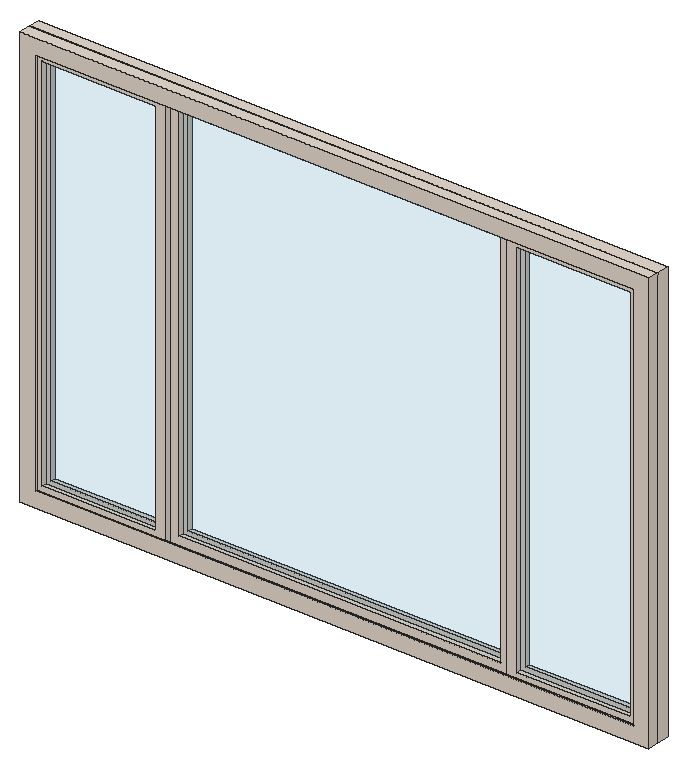
Revit family
Parameters (values of type "복창(3개창)-3300*2200")
  유리 = 유리
  문틀 [instance] = 문틀
  Height = 2210 mm
  Default Sill Height = 500 mm
  Wall Closure = (empty or 0)
  Width = 3300 mm
  양쪽창폭 = 700 mm
  Assembly Code = ""
Reference planes
  plane 1 "Center (Front/Back)": y = 0
  plane 2 "Center (Left/Right)": x = -209.898
  plane 3 "Left": x = -1859.898
  plane 4 "Right": x = 1440.102
  plane 5 "Sill": z = 500
  plane 6 "Head": z = 2710
  plane 7 "Exterior": y = 100
  plane 8 "Interior": y = -100
  plane 9: x = -1105
  plane 10: x = -1805
  plane 11: x = 685.204
Forms (mm)
  Sweep 1, solid, material "문틀" <- "문틀"
    path origin (0, 100, 0) x (1, 0, 0) y (0, 0, 1)
      loop
        line (1440.102, 2710) -> (-1859.898, 2710) -> (-1859.898, 500) -> (1440.102, 500) -> (1440.102, 2710)
    profile origin (-209.898, 100, 2710) x (0, 0, -1) y (0, -1, 0)
      loop
        line (0, 0) -> (54.898, 0) -> (54.898, 50) -> (79.898, 50) -> (79.898, 60) -> (0, 60) -> (0, 0)
  Extrusion 2, solid, material "문틀" <- "문틀"
    sketch origin (-970, 100, 0) x (1, 0, 0) y (0, 0, 1)
      loop
        line (-135, 2655) -> (-835, 2655) -> (-835, 555) -> (-135, 555) -> (-135, 2655)
      loop
        line (-185, 2605) -> (-785, 2605) -> (-785, 605) -> (-185, 605) -> (-185, 2605)
    from 25 to 50
  Extrusion 3, solid, material "유리" <- "유리"
    sketch origin (-970, 100, 0) x (1, 0, 0) y (0, 0, 1)
      loop
        line (-185, 2630) -> (-785, 2630) -> (-785, 580) -> (-185, 580) -> (-185, 2630)
    from 33.333 to 41.667
  Extrusion 4, solid, material "문틀" <- "문틀"
    sketch origin (0, 100, 0) x (1, 0, 0) y (0, 0, 1)
      loop
        line (685.204, 2655) -> (-1105, 2655) -> (-1105, 555) -> (685.204, 555) -> (685.204, 2655)
      loop
        line (635.204, 2605) -> (-1055, 2605) -> (-1055, 605) -> (635.204, 605) -> (635.204, 2605)
    from 0 to 25
  Extrusion 5, solid, material "유리" <- "유리"
    sketch origin (0, 100, 0) x (1, 0, 0) y (0, 0, 1)
      loop
        line (635.204, 2630) -> (-1055, 2630) -> (-1055, 580) -> (635.204, 580) -> (635.204, 2630)
    from 8.333 to 16.667
  Extrusion 6, solid, material "문틀" <- "문틀"
    sketch origin (-970, 40, 0) x (1, 0, 0) y (0, 0, 1)
      loop
        line (-135, 2655) -> (-835, 2655) -> (-835, 555) -> (-135, 555) -> (-135, 2655)
      loop
        line (-185, 2605) -> (-785, 2605) -> (-785, 605) -> (-185, 605) -> (-185, 2605)
    from 25 to 50
  Extrusion 7, solid, material "유리" <- "유리"
    sketch origin (-970, 40, 0) x (1, 0, 0) y (0, 0, 1)
      loop
        line (-185, 2630) -> (-785, 2630) -> (-785, 580) -> (-185, 580) -> (-185, 2630)
    from 33.333 to 41.667
  Extrusion 8, solid, material "문틀" <- "문틀"
    sketch origin (0, 40, 0) x (1, 0, 0) y (0, 0, 1)
      loop
        line (685.306, 2655) -> (-1105, 2655) -> (-1105, 555) -> (685.306, 555) -> (685.306, 2655)
      loop
        line (635.306, 2605) -> (-1055, 2605) -> (-1055, 605) -> (635.306, 605) -> (635.306, 2605)
    from 0 to 25
  Extrusion 9, solid, material "유리" <- "유리"
    sketch origin (0, 40, 0) x (1, 0, 0) y (0, 0, 1)
      loop
        line (635.306, 2630) -> (-1055, 2630) -> (-1055, 580) -> (635.306, 580) -> (635.306, 2630)
    from 8.333 to 16.667
  Extrusion 10, solid, material "문틀" <- "문틀"
    sketch origin (1364.796, 100, 0) x (1, 0, 0) y (0, 0, 1)
      loop
        line (20.408, 2655) -> (-679.592, 2655) -> (-679.592, 555) -> (20.408, 555) -> (20.408, 2655)
      loop
        line (-29.592, 2605) -> (-629.592, 2605) -> (-629.592, 605) -> (-29.592, 605) -> (-29.592, 2605)
    from 25 to 50
  Extrusion 11, solid, material "유리" <- "유리"
    sketch origin (1364.796, 100, 0) x (1, 0, 0) y (0, 0, 1)
      loop
        line (-29.592, 2630) -> (-629.592, 2630) -> (-629.592, 580) -> (-29.592, 580) -> (-29.592, 2630)
    from 33.333 to 41.667
  Extrusion 12, solid, material "문틀" <- "문틀"
    sketch origin (1364.796, 40, 0) x (1, 0, 0) y (0, 0, 1)
      loop
        line (20.408, 2655) -> (-679.592, 2655) -> (-679.592, 555) -> (20.408, 555) -> (20.408, 2655)
      loop
        line (-29.592, 2605) -> (-629.592, 2605) -> (-629.592, 605) -> (-29.592, 605) -> (-29.592, 2605)
    from 25 to 50
  Extrusion 13, solid, material "유리" <- "유리"
    sketch origin (1364.796, 40, 0) x (1, 0, 0) y (0, 0, 1)
      loop
        line (-29.592, 2630) -> (-629.592, 2630) -> (-629.592, 580) -> (-29.592, 580) -> (-29.592, 2630)
    from 33.333 to 41.667
  Sweep 14, solid, material "문틀" <- "문틀"
    path origin (0, 40, 0) x (1, 0, 0) y (0, 0, 1)
      loop
        line (1440.102, 2710) -> (-1859.898, 2710) -> (-1859.898, 500) -> (1440.102, 500) -> (1440.102, 2710)
    profile origin (-209.898, 40, 2710) x (0, 0, -1) y (0, -1, 0)
      loop
        line (0, 0) -> (54.898, 0) -> (54.898, 50) -> (79.898, 50) -> (79.898, 60) -> (0, 60) -> (0, 0)
Lines and regions (mm)
  Opening 1
    outline origin (3500, -100, 0) x (1, 0, 0) y (0, 0, 1)
      loop
        line (-2059.898, 500) -> (-2059.898, 2710) -> (-5359.898, 2710) -> (-5359.898, 500) -> (-2059.898, 500)
Text (mm)
  text "EXTERIOR" at (-1963.203, 1332.353, 0), in view "Ref. Level"
  text "INTERIOR" at (-1981.466, -818.386, 0), in view "Ref. Level"
  text "Exterior" at (0, 923.751, 2943.296), in view "Right"
  text "Exterior" at (0, 1040.484, 2685.409), in view "Left"
Dimensions and locks
  equal spacing: plane 3 "Left", plane 2 "Center (Left/Right)", plane 4 "Right"
  "Width": plane 3 "Left" to plane 4 "Right"
  "Height": plane 5 "Sill" to plane 6 "Head"
  "Default Sill Height": plane 5 "Sill" to level
  locked: plane 7 "Exterior" to host wall at 0
  locked: plane 8 "Interior" to host wall
  plane 2 "Center (Left/Right)" to plane 4 "Right" = 1650 mm
  locked: Extrusion 2 to Extrusion 2 at 25
  Extrusion 3 to Extrusion 3 = 8.333 mm
  locked: Extrusion 4 to Extrusion 4 at 25
  locked: Extrusion 4 to Extrusion 4 at 50  (x2)
  locked: Extrusion 2 to Extrusion 2 at 50  (x2)
  locked: plane 3 "Left" to plane 10 at 54.898
  locked: Extrusion 6 to Extrusion 6 at 25
  locked: Extrusion 8 to Extrusion 8 at 25
  locked: Extrusion 8 to Extrusion 8 at 50  (x2)
  locked: Extrusion 6 to Extrusion 6 at 50  (x2)
  locked: Extrusion 10 to Extrusion 10 at 25
  locked: Extrusion 10 to Extrusion 10 at 50  (x2)
  locked: Extrusion 12 to Extrusion 12 at 25
  locked: Extrusion 12 to Extrusion 12 at 50  (x2)
  equal spacing: plane 9, plane 2 "Center (Left/Right)", plane 11
  "양쪽창폭": plane 10 to plane 9
  aligned and locked: host wall to Sweep 1 sketch curve
  aligned and locked: Sweep 1 sketch curve to host wall  (x3)
  aligned and locked: Extrusion 4 to plane 9
  aligned and locked: Extrusion 5 to Extrusion 4  (x2)
  aligned and locked: Extrusion 3 to Extrusion 2  (x2)
  aligned and locked: Extrusion 2 to Extrusion 4
  aligned and locked: plane 10 to Sweep 1
  aligned and locked: Extrusion 2 to Sweep 1
  aligned and locked: Extrusion 9 to Extrusion 8  (x2)
  aligned and locked: Extrusion 7 to Extrusion 6  (x2)
  aligned and locked: Extrusion 6 to Extrusion 8
  aligned and locked: plane 11 to Extrusion 4
  aligned and locked: Extrusion 11 to Extrusion 10  (x2)
  aligned and locked: Extrusion 13 to Extrusion 12  (x2)
  aligned and locked: Extrusion 10 to Sweep 1
  aligned and locked: Extrusion 12 to Sweep 1
  aligned and locked: Extrusion 4 to Extrusion 12
  aligned and locked: Extrusion 10 to Extrusion 4
Automatic sketch dimensions
  Opening 1 sketch curve to plane 3 "Left" = 0 mm
  Opening 1 sketch curve to plane 4 "Right" = 0 mm
  Opening 1 sketch curve to plane 5 "Sill" = 0 mm
  Opening 1 sketch curve to plane 6 "Head" = 0 mm
  Sweep 1 sketch curve to plane 7 "Exterior" = 0 mm
  Sweep 1 sketch curve to profile plane = 0 mm
  Sweep 1 sketch curve to profile plane = 54.898 mm
  Sweep 1 sketch curve to Sweep 1 sketch curve = 25 mm
  plane 7 "Exterior" to Sweep 1 sketch curve = 50 mm
  Sweep 1 sketch curve to Sweep 1 sketch curve = 10 mm
  Extrusion 2 sketch curve to plane 10 = 0 mm
  Extrusion 2 sketch curve to plane 9 = 0 mm
  plane 10 to Extrusion 2 sketch curve = 50 mm
  Extrusion 2 sketch curve to plane 9 = 50 mm
  Extrusion 2 sketch curve to plane 5 "Sill" = 55 mm
  Extrusion 2 sketch curve to Extrusion 2 sketch curve = 50 mm
  plane 6 "Head" to Extrusion 2 sketch curve = 105 mm
  plane 6 "Head" to Extrusion 2 sketch curve = 55 mm
  plane 10 to Extrusion 3 sketch curve = 50 mm
  Extrusion 3 sketch curve to plane 9 = 50 mm
  Extrusion 3 sketch curve to plane 5 "Sill" = 80 mm
  plane 6 "Head" to Extrusion 3 sketch curve = 80 mm
  Extrusion 4 sketch curve to plane 9 = 0 mm
  Extrusion 4 sketch curve to plane 11 = 0 mm
  plane 9 to Extrusion 4 sketch curve = 50 mm
  Extrusion 4 sketch curve to plane 11 = 50 mm
  Extrusion 4 sketch curve to plane 5 "Sill" = 55 mm
  Extrusion 4 sketch curve to Extrusion 4 sketch curve = 50 mm
  plane 6 "Head" to Extrusion 4 sketch curve = 105 mm
  plane 6 "Head" to Extrusion 4 sketch curve = 55 mm
  plane 9 to Extrusion 5 sketch curve = 50 mm
  Extrusion 5 sketch curve to plane 11 = 50 mm
  Extrusion 5 sketch curve to plane 5 "Sill" = 80 mm
  plane 6 "Head" to Extrusion 5 sketch curve = 80 mm
  Extrusion 6 sketch curve to plane 10 = 0 mm
  Extrusion 6 sketch curve to plane 9 = 0 mm
  plane 10 to Extrusion 6 sketch curve = 50 mm
  Extrusion 6 sketch curve to plane 9 = 50 mm
  Extrusion 6 sketch curve to plane 5 "Sill" = 55 mm
  Extrusion 6 sketch curve to Extrusion 6 sketch curve = 50 mm
  plane 6 "Head" to Extrusion 6 sketch curve = 105 mm
  plane 6 "Head" to Extrusion 6 sketch curve = 55 mm
  plane 10 to Extrusion 7 sketch curve = 50 mm
  Extrusion 7 sketch curve to plane 9 = 50 mm
  Extrusion 7 sketch curve to plane 5 "Sill" = 80 mm
  plane 6 "Head" to Extrusion 7 sketch curve = 80 mm
  Extrusion 8 sketch curve to plane 9 = 0 mm
  plane 9 to Extrusion 8 sketch curve = 50 mm
  Extrusion 8 sketch curve to plane 11 = 49.898 mm
  plane 11 to Extrusion 8 sketch curve = 0.102 mm
  Extrusion 8 sketch curve to plane 5 "Sill" = 55 mm
  Extrusion 8 sketch curve to Extrusion 8 sketch curve = 50 mm
  plane 6 "Head" to Extrusion 8 sketch curve = 105 mm
  plane 6 "Head" to Extrusion 8 sketch curve = 55 mm
  plane 9 to Extrusion 9 sketch curve = 50 mm
  Extrusion 9 sketch curve to plane 11 = 49.898 mm
  Extrusion 9 sketch curve to plane 5 "Sill" = 80 mm
  plane 6 "Head" to Extrusion 9 sketch curve = 80 mm
  Extrusion 10 sketch curve to plane 11 = 0 mm
  plane 11 to Extrusion 10 sketch curve = 50 mm
  plane 4 "Right" to Extrusion 10 sketch curve = 104.898 mm
  plane 4 "Right" to Extrusion 10 sketch curve = 54.898 mm
  Extrusion 10 sketch curve to plane 5 "Sill" = 55 mm
  Extrusion 10 sketch curve to Extrusion 10 sketch curve = 50 mm
  plane 6 "Head" to Extrusion 10 sketch curve = 105 mm
  plane 6 "Head" to Extrusion 10 sketch curve = 55 mm
  plane 11 to Extrusion 11 sketch curve = 50 mm
  plane 4 "Right" to Extrusion 11 sketch curve = 104.898 mm
  Extrusion 11 sketch curve to plane 5 "Sill" = 80 mm
  plane 6 "Head" to Extrusion 11 sketch curve = 80 mm
  Extrusion 12 sketch curve to plane 11 = 0 mm
  plane 11 to Extrusion 12 sketch curve = 50 mm
  plane 4 "Right" to Extrusion 12 sketch curve = 104.898 mm
  plane 4 "Right" to Extrusion 12 sketch curve = 54.898 mm
  Extrusion 12 sketch curve to plane 5 "Sill" = 55 mm
  Extrusion 12 sketch curve to Extrusion 12 sketch curve = 50 mm
  plane 6 "Head" to Extrusion 12 sketch curve = 105 mm
  plane 6 "Head" to Extrusion 12 sketch curve = 55 mm
  plane 11 to Extrusion 13 sketch curve = 50 mm
  plane 4 "Right" to Extrusion 13 sketch curve = 104.898 mm
  Extrusion 13 sketch curve to plane 5 "Sill" = 80 mm
  plane 6 "Head" to Extrusion 13 sketch curve = 80 mm
  Sweep 14 sketch curve to plane 3 "Left" = 0 mm
  Sweep 14 sketch curve to plane 4 "Right" = 0 mm
  Sweep 14 sketch curve to plane 5 "Sill" = 0 mm
  Sweep 14 sketch curve to plane 6 "Head" = 0 mm
  Sweep 14 sketch curve to profile plane = 0 mm  (x2)
  Sweep 14 sketch curve to profile plane = 54.898 mm
  Sweep 14 sketch curve to Sweep 14 sketch curve = 25 mm
  profile plane to Sweep 14 sketch curve = 50 mm
  Sweep 14 sketch curve to Sweep 14 sketch curve = 10 mm
